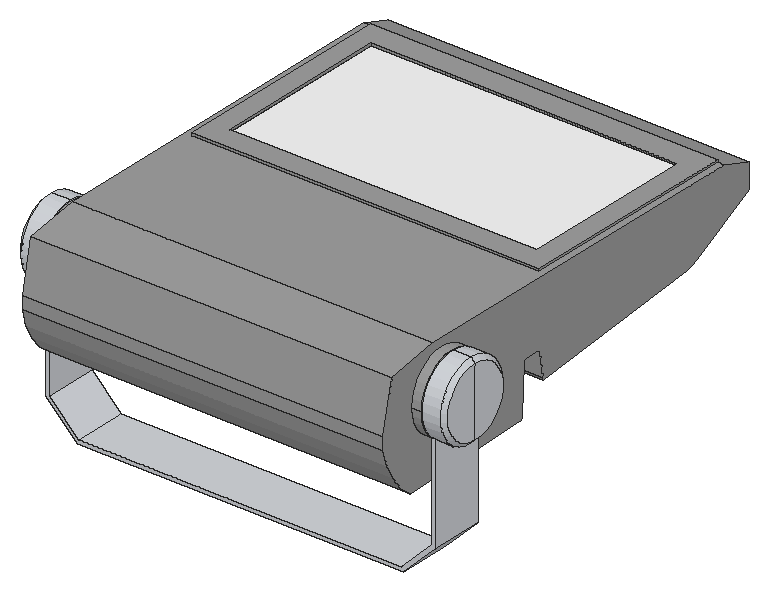
Revit family "0049104 Feilo Sylvania Lighting Fixture SYLVEO LED 3000LM WIDE 3K", category Lighting Fixtures, host Face, Revit 2017
Family settings
  Host = Face
  Round Connector Dimension = Use Diameter
  Part Type = Normal
  OmniClass Number = 23.80.70.00
  OmniClass Title = Lighting
  Cut with Voids When Loaded = No
  Light Source = No
  Shared = No
  Room Calculation Point = No
Parameters (values of type "0049104 SYLVEO LED 3000LM WIDE 3K")
  _DistributedBy = ""
  _CurrentRevision = 0
  _CreatedBy = "http://www.feilosylvania.com"
  _BimstoreBibleVersion = "Version 15"
  _BimSpecGuid = 0
  _Author = "n/a"
  Weight = "11.028 kg"
  Wattage Comments = "n/a"
  WarrantyStartDate [instance] = "n/a"
  WarrantyGuarantorParts = "n/a"
  WarrantyDurationUnit = "n/a"
  WarrantyDurationParts = "n/a"
  WarrantyDescription = "n/a"
  Voltage = 230 V
  URL = "http://www.sylvania-lighting.com"
  TypeName = "SYLVEO LED 3000LM WIDE 3K"
  TypeBody_FEILO = Sylveo Body S : 0049104 SYLVEO LED 3000LM WIDE 3K
  Type Image = <None>
  Type Comments = "n/a"
  TotalWidth = 205 mm
  TiltAngle [instance] = 0.00°
  StartAngle [instance] = -TiltAngle  # 0.00°
  PhotobiologicalRiskGroup = "RG1"
  Material_4_FEILO = none
  Material_3_FEILO = Diffuser-Sylvania-Glow
  Material_2_FEILO = Default
  Material_1_FEILO = none
  LuminousFlux = 3189 lm
  EndAngle [instance] = StartAngle + 180.00°  # 180.00°
  SerialNumber [instance] = "n/a"
  PowerFactor = 0
  PowerConsumption = "30.5 W"
  NominalLength = 205 mm
  NominalHeight = 219 mm
  NominalDepth = 59 mm
  Name = "SYLVEO LED 3000LM WIDE 3K"
  NBSReference = "n/a"
  NBSOfficeMasterTag = "n/a"
  NBSObjectName = "n/a"
  NBSNote = "n/a"
  NBSDescription = "n/a"
  ModelReference = "SYLVEO LED 3000LM WIDE 3K"
  ModelNumber = "0049104"
  Model = ModelReference  # "SYLVEO LED 3000LM WIDE 3K"
  Material = "aluminium housing, glass diffuser"
  ManufacturerName = "Feilo Sylvania"
  Manufacturer = "Feilo Sylvania"
  LuminaireType = ""
  LuminairePowerFactor = "n/a"
  LightOutputRatio = "100"
  LampsType = "LED"
  LampsColourRenderingIndex = "70"
  Lamp = "LED"
  Keynote = "16500"
  InstallationDate [instance] = "n/a"
  InputVoltage = "100-240V~"
  InputNominalFrequency = "50 Hz"
  IngressProtection = "IP66"
  ImpactProtectionIndex = "IK08"
  IfcExportType = "IfcLightFixtureType"
  IfcExportAs = "IfcLightFixtureType"
  Finish = "Die cast"
  ExpectedLife = 50000
  ElectricShockClassification = "Class I"
  DurationUnit = "hours"
  DocumentationLiterature = "http://www.sylvania-lighting.com/product/en-int/products/0049104"
  DimmingControlOptions = "Non dimmable"
  Diffuser Material = "Glass"
  Diffuser Finish = "Clear"
  Description = "Exterior LED Floodlight, comes complete with a 1000mm cable and adjustable bracket, aluminium housing, clear glass diffuser, IP66, IK08, Class I, 3000K, Non-dimming, 3090lm, 31W, 101lm/W, 850mA, CRI70, 52° beam angle, 50000hrs, (LxWxD) 49x205x219mm"
  Default Elevation = 1219.2 mm
  CreatedOn = "1/9/2018"
  CreatedBy = ""
  Cost = 0
  ColorTemperature = 4000 K
  ColorConsistency(SDCM) = "6"
  Color = "Aluminium"
  built-in parameter 1114216 [instance] = (empty or 0)
  ClassificationValue = "EF_70_80"
  ClassificationName = "Uniclass2015"
  BracketWidth = 25 mm
  BracketInnerWidth = 183 mm
  BracketExtrusionStart = -BracketWidth / 2  # -12.5 mm
  BracketExtrusionEnd = BracketWidth / 2  # 12.5 mm
  BarCode [instance] = "n/a"
  BIMObjectName = "n/a"
  AssetType = "Fixed"
  AssetIdentifier [instance] = "n/a"
  Assembly Code = "D5020200"
  Apparent Load = 30.5 VA
Reference planes
  plane 1 "Center (Front/Back)": y = 0
  plane 2: z = 0
  plane 3 "Center (Left/Right)": x = 0
  plane 4: x = 91.5
  plane 5: x = -91.5
  plane 6: z = 76
  plane 7: x = 102.5
  plane 8: x = -102.5
  plane 9: z = 94.5
  plane 10: z = 57.5
  plane 11: x = 100.5
  plane 12: x = -100.5
  plane 13: x = 93.5
  plane 14: x = -93.5
  plane 15: z = 2
  plane 16: z = 16
  plane 17: x = 77.5
  plane 18: x = -77.5
  plane 19: z = 59.5
Forms (mm)
  Extrusion 1, solid
    sketch origin (0, 0, 0) x (1, 0, 0) y (0, 0, 1)
      loop
        line (0, 2) -> (0, 0) -> (78.328, 0) -> (93.5, 15.172) -> (93.5, 76) -> (91.5, 76) -> (91.5, 16) -> (77.5, 2) -> (0, 2)
    from -12.5 to 12.5 <- "BracketExtrusionEnd"
  Extrusion 2, solid
    sketch origin (0, 0, 0) x (-1, 0, 0) y (0, 0, -1)
      loop
        line (0, -2) -> (77.5, -2) -> (91.5, -16) -> (91.5, -76) -> (93.5, -76) -> (93.5, -15.172) -> (78.328, 0) -> (0, 0) -> (0, -2)
    from -12.5 to 12.5 <- "BracketExtrusionEnd"
  Revolve 3, solid
    sketch origin (0, 0, 0) x (1, 0, 0) y (0, 0, 1)
      loop
        line (-91.5, 76) -> (-102.5, 76) -> (-102.5, 59.5) -> (-100.5, 57.5) -> (-91.5, 57.5) -> (-91.5, 76)
      axis (-91.5, 76) -> (-102.5, 76)
    angle from 0 to 360
  Revolve 4, solid
    sketch origin (0, 0, 0) x (-1, 0, 0) y (0, 0, 1)
      loop
        line (-91.5, 76) -> (-102.5, 76) -> (-102.5, 59.5) -> (-100.5, 57.5) -> (-91.5, 57.5) -> (-91.5, 76)
      axis (-91.5, 76) -> (-102.5, 76)
    angle from 0 to 360
  Revolve 5, solid, not visible
    sketch origin (181.107, 0, 76) x (1, 0, 0) y (0, 1, 0)
      loop
        line (-191.101, 0) -> (-171.112, 0) -> (-171.112, 10) -> (-191.101, 10) -> (-191.101, 0)
      axis (-171.112, 0) -> (-191.101, 0)
    angle from 0 <- "StartAngle" to 180 <- "EndAngle"
Cuts and joins
  joined: Extrusion 1, Extrusion 2, Revolve 3, Revolve 4
Dimensions and locks
  equal spacing: plane 5, plane 3 "Center (Left/Right)", plane 4
  "BracketInnerWidth": plane 5 to plane 4
  equal spacing: plane 7, plane 3 "Center (Left/Right)", plane 8
  "TotalWidth": plane 7 to plane 8
  locked: plane 2 to plane 6 at 76
  equal spacing: plane 10, plane 6, plane 9
  locked: plane 10 to plane 9 at 37
  equal spacing: plane 11, plane 3 "Center (Left/Right)", plane 12
  locked: plane 11 to plane 12 at 201
  equal spacing: plane 13, plane 3 "Center (Left/Right)", plane 14
  locked: plane 13 to plane 14 at 187
  locked: plane 2 to plane 16 at 16
  locked: plane 2 to plane 15 at 2
  equal spacing: plane 17, plane 3 "Center (Left/Right)", plane 18
  locked: plane 17 to plane 18 at 155
  locked: plane 19 to plane 10 at 2
  locked: Revolve 5 sketch curve to Revolve 5 sketch curve at 10
  equal spacing: Revolve 5 sketch curve, plane 3 "Center (Left/Right)", Revolve 5 sketch curve
  locked: Revolve 5 sketch curve to Revolve 5 sketch curve at 19.988
  aligned and locked: plane 2 to host face
  aligned and locked: level to host face
  aligned and locked: Revolve 3 sketch curve to plane 10
  aligned and locked: Revolve 3 sketch curve to plane 8
  aligned and locked: plane 5 to Revolve 3 sketch curve
  aligned and locked: Revolve 3 sketch curve to plane 6  (x2)
  aligned and locked: Revolve 5 sketch curve to plane 1 "Center (Front/Back)"
  aligned and locked: plane 3 "Center (Left/Right)" to nested 1
Automatic sketch dimensions
  host sketch curve to host sketch curve = 2438.4 mm  (x2)
  Extrusion 1 sketch curve to plane 3 "Center (Left/Right)" = 0 mm  (x2)
  Extrusion 1 sketch curve to level = 0 mm  (x2)
  Extrusion 1 sketch curve to plane 15 = 0 mm
  Extrusion 1 sketch curve to plane 17 = 0 mm
  plane 4 to Extrusion 1 sketch curve = 0 mm
  Extrusion 1 sketch curve to plane 13 = 0 mm  (x2)
  Extrusion 1 sketch curve to plane 6 = 0 mm  (x2)
  Extrusion 1 sketch curve to plane 16 = 0 mm
  plane 17 to Extrusion 1 sketch curve = 0.828 mm
  Extrusion 1 sketch curve to plane 16 = 0.828 mm
  Extrusion 2 sketch curve to plane 3 "Center (Left/Right)" = 0 mm  (x2)
  Extrusion 2 sketch curve to level = 0 mm  (x2)
  Extrusion 2 sketch curve to plane 15 = 0 mm
  plane 18 to Extrusion 2 sketch curve = 0 mm
  plane 5 to Extrusion 2 sketch curve = 0 mm
  plane 14 to Extrusion 2 sketch curve = 0 mm  (x2)
  Extrusion 2 sketch curve to plane 6 = 0 mm  (x2)
  Extrusion 2 sketch curve to plane 16 = 0 mm
  Extrusion 2 sketch curve to plane 18 = 0.828 mm
  plane 16 to Extrusion 2 sketch curve = 0.828 mm
  plane 12 to Revolve 3 sketch curve = 0 mm
  Revolve 3 sketch curve to plane 19 = 0 mm
  plane 8 to Revolve 3 sketch curve = 77.715 mm
  plane 7 to Revolve 3 sketch curve = 78.607 mm
  Revolve 4 sketch curve to plane 6 = 0 mm  (x2)
  Revolve 4 sketch curve to plane 7 = 0 mm
  Revolve 4 sketch curve to plane 10 = 0 mm
  Revolve 4 sketch curve to plane 11 = 0 mm
  plane 4 to Revolve 4 sketch curve = 0 mm
  Revolve 4 sketch curve to plane 19 = 0 mm
  Revolve 4 sketch curve to Revolve 4 sketch curve = 77.715 mm
  Revolve 4 sketch curve to plane 8 = 78.607 mm
  plane 1 "Center (Front/Back)" to Revolve 5 sketch curve = 0 mm
  plane 8 to Revolve 5 sketch curve = 1421.5 mm
  plane 7 to Revolve 5 sketch curve = 1421.5 mm
Nested families
  nested 1: "Sylveo Body S" at (0, 72.991, 76), type <- "TypeBody_FEILO", type "0049104 SYLVEO LED 3000LM WIDE 3K"
Connectors
  electrical at (0, 0, 0), driven by "Apparent Load", driven by "PowerFactor", driven by "Voltage"
    settings: index 1, voltage 230 V, apparent load 30.5 VA, apparent load phase1 0 VA, apparent load phase2 0 VA, apparent load phase3 0 VA, power factor 0, load classification "Lighting", number of poles 1, system type 30, power factor state 1, is connector primary yes, connector utility no, sub classification motor no, connector description ""
Definition of nested family "Sylveo Body S"
  Parameters (values of type "0049105 SYLVEO LED 3000LM RASYM 3K")
    Wattage = 30.8 W
    built-in parameter 1150110 = 1 (stored number, unit not read)
    VoidExtrusionStart = -BodyWidth / 2  # -86.5 mm
    URL = "http://www.feilosylvania.com"
    Type Comments = "n/a"
    built-in parameter 1114217 = 1 (stored number, unit not read)
    Tilt Angle = -90.00°
    built-in parameter 1150109 = 1 (stored number, unit not read)
    built-in parameter 1150134 = (empty or 0)
    built-in parameter 1150113 = 1 (stored number, unit not read)
    Photometric Web File = "0049105.ies"
    Model = "SYLVEO LED 3000LM RASYM 3K"
    Material_4_FEILO = none
    Material_3_FEILO = none
    Material_2_FEILO = none
    Material_1_FEILO = none
    Manufacturer = "Feilo Sylvania"
    built-in parameter 1150105 = 1613.6 (stored number, unit not read)
    Lumens = 3123.12 lm
    built-in parameter 1150115 = 1 (stored number, unit not read)
    built-in parameter 1150137 = (empty or 0)
    built-in parameter 1150139 = (empty or 0)
    built-in parameter 1150112 = 1 (stored number, unit not read)
    built-in parameter 1150114 = 1 (stored number, unit not read)
    Lamp = "LED"
    Keynote = "16500"
    built-in parameter 1150132 = (empty or 0)
    built-in parameter 1150102 = (empty or 0)
    built-in parameter 1150107 = 3000 (stored number, unit not read)
    built-in parameter 1150138 = (empty or 0)
    built-in parameter 1150106 = 16.136 (stored number, unit not read)
    Emit from Rectangle Width = 84 mm
    Emit from Rectangle Length = 147 mm
    Emit Shape Visible in Rendering = no
    built-in parameter 1150104 = 9.4204 (stored number, unit not read)
    Dimming Lamp Color Temperature Shift = (empty or 0)
    Description = "Exterior LED Floodlight, comes complete with a 1000mm cable and adjustable bracket, aluminium housing, clear glass diffuser, IP66, IK08, Class I, 3000K, Non-dimming, 3122lm, 31W, 101lm/W, 850mA, CRI70, 52°x117° beam angle, 50000hrs, (LxWxD) 49x205x219mm"
    Default Elevation = 1219.2 mm
    Cost = 0
    Color Filter = 16777215
    BodyWidth = 173 mm
    BodyHeight = 219 mm
    BodyExtrusionEnd = -BodyDepth  # -59 mm
    BodyDepth = 59 mm
    built-in parameter 1114218 = 1 (stored number, unit not read)
    built-in parameter 1150133 = 10 (stored number, unit not read)
    Assembly Code = "D5020200"
    Apparent Load = 30.8 VA
  Types (6, lengths in mm): name | Wattage | built-in parameter 1150134 | Photometric Web File | Model | built-in parameter 1150105 | Lumens | built-in parameter 1150107 | built-in parameter 1150106 | built-in parameter 1150104 | Description | Apparent Load
    0049105 SYLVEO LED 3000LM RASYM 3K | 30.8 W | (empty or 0) | "0049105.ies" | "SYLVEO LED 3000LM RASYM 3K" | 1613.6 (stored number, unit not read) | 3123.12 lm | 3000 (stored number, unit not read) | 16.136 (stored number, unit not read) | 9.4204 (stored number, unit not read) | "Exterior LED Floodlight, comes complete with a 1000mm cable and adjustable bracket, aluminium housing, clear glass diffuser, IP66, IK08, Class I, 3000K, Non-dimming, 3122lm, 31W, 101lm/W, 850mA, CRI70, 52°x117° beam angle, 50000hrs, (LxWxD) 49x205x219mm" | 30.8 VA
    0049104 SYLVEO LED 3000LM WIDE 3K | 30.5 W | (empty or 0) | "0049104.ies" | "SYLVEO LED 3000LM WIDE 3K" | 3931.7 (stored number, unit not read) | 3089.65 lm | 3000 (stored number, unit not read) | 39.317 (stored number, unit not read) | 9.4111 (stored number, unit not read) | "Exterior LED Floodlight, comes complete with a 1000mm cable and adjustable bracket, aluminium housing, clear glass diffuser, IP66, IK08, Class I, 3000K, Non-dimming, 3090lm, 31W, 101lm/W, 850mA, CRI70, 52° beam angle, 50000hrs, (LxWxD) 49x205x219mm" | 30.5 VA
    0049103 SYLVEO LED 3000LM NAR 3K | 30.2 W | (empty or 0) | "0049103.ies" | "SYLVEO LED 3000LM NAR 3K" | 12950.9 (stored number, unit not read) | 3041.14 lm | 3000 (stored number, unit not read) | 129.51 (stored number, unit not read) | 9.3553 (stored number, unit not read) | "Exterior LED Floodlight, comes complete with a 1000mm cable and adjustable bracket, aluminium housing, clear glass diffuser, IP66, IK08, Class I, 3000K, Non-dimming, 3041lm, 30W, 101lm/W, 850mA, CRI70, 21° beam angle, 50000hrs, (LxWxD) 49x205x219mm" | 30.2 VA
    0049102 SYLVEO LED 3000LM RASYM 4K | 30.3 W | 12 | "0049102.ies" | "SYLVEO LED 3000LM RASYM 4K" | 1646.9 (stored number, unit not read) | 3187.56 lm | 4000 (stored number, unit not read) | 16.469 (stored number, unit not read) | 9.7734 (stored number, unit not read) | "Exterior LED Floodlight, comes complete with a 1000mm cable and adjustable bracket, aluminium housing, clear glass diffuser, IP66, IK08, Class I, 4000K, Non-dimming, 3189lm, 30W, 105lm/W, 850mA, CRI70, 52°x117° beam angle, 50000hrs, (LxWxD) 49x205x219mm" | 30.3 VA
    0049101 SYLVEO LED 3000LM WIDE 4K | 32.2 W | 12 | "0049101.ies" | "SYLVEO LED 3000LM WIDE 4K" | 3985.3 (stored number, unit not read) | 3400.32 lm | 4000 (stored number, unit not read) | 39.853 (stored number, unit not read) | 9.8106 (stored number, unit not read) | "Exterior LED Floodlight, comes complete with a 1000mm cable and adjustable bracket, aluminium housing, clear glass diffuser, IP66, IK08, Class I, 4000K, Non-dimming, 3400lm, 32W, 106lm/W, 850mA, CRI70, 52° beam angle, 50000hrs, (LxWxD) 49x205x219mm" | 32.2 VA
    0049100 SYLVEO LED 3000LM NAR 4K | 30.5 W | 12 | "0049100.ies" | "SYLVEO LED 3000LM NAR 4K" | 13402.6 (stored number, unit not read) | 3089.65 lm | 4000 (stored number, unit not read) | 134.03 (stored number, unit not read) | 9.4111 (stored number, unit not read) | "Exterior LED Floodlight, comes complete with a 1000mm cable and adjustable bracket, aluminium housing, clear glass diffuser, IP66, IK08, Class I, 4000K, Non-dimming, 3090lm, 31W, 101lm/W, 850mA, CRI70, 21° beam angle, 50000hrs, (LxWxD) 49x205x219mm" | 30.5 VA
  Reference planes
    plane 1 "Center (Front/Back)": y = 0
    plane 2: z = 0
    plane 3 "Center (Left/Right)": x = 0
    plane 4: x = -86.5
    plane 5: x = 86.5
    plane 6: y = 110.708
    plane 7: y = -108.292
    plane 8: y = 96.384
    plane 9: y = 84.647
    plane 10: y = -0.668
    plane 11: y = -10.878
    plane 12: y = -54.493
    plane 13: y = -91.489
    plane 14: y = -72.991
    plane 15: x = -102.515
    plane 16: x = 102.515
    plane 17: x = -73.649
    plane 18: x = 73.649
    plane 19: x = -91.536
    plane 20: x = 91.536
    plane 21: z = 0
    plane 22: z = 22
    plane 23: x = -83.139
    plane 24: x = 83.139
    plane 25: y = -103.292
    plane 26: y = -78.292
    plane 27: z = -5.309
    plane 28: z = -11.402
    plane 29: y = -25.118
    plane 30: y = -23.893
    plane 31: z = -8.976
    plane 32: y = -14.493
    plane 33: y = -12.511
    plane 34: y = 77.218
    plane 35: z = 17
    plane 36: z = -13.634
    plane 37: z = 5
    plane 38: z = -22.951
    plane 39: z = -34.41
    plane 40: z = 17.785
    plane 41: y = 42.323
  Forms (mm)
    Extrusion 1, solid
      sketch origin (-0.8, 0, 0) x (1, 0, 0) y (0, 1, 0)
        loop
          line (-1219.2, 1219.2) -> (-1219.2, -1219.2) -> (1219.2, -1219.2) -> (1219.2, 1219.2) -> (-1219.2, 1219.2)
      from 0 to -304.8
    Revolve 2, solid, material <- "Material_2_FEILO"
      sketch origin (144.148, 0, 0) x (1, 0, 0) y (0, 1, 0)
        loop
          line (-235.684, -72.991) -> (-52.612, -72.991) -> (-52.612, -54.493) -> (-235.684, -54.493) -> (-235.684, -72.991)
        axis (-235.684, -72.991) -> (-52.612, -72.991)
      angle from 0 to 360
    Extrusion 3, solid, material <- "Material_2_FEILO"
      sketch origin (0, -146.667, 22) x (0, -1, 0) y (1, 0, 0)
        loop
          line (-257.375, -86.5) -> (-38.375, -86.5) -> (-38.375, 86.5) -> (-257.375, 86.5) -> (-257.375, -86.5)
      from 0 to -59 <- "BodyExtrusionEnd"
    Extrusion 4, void
      sketch origin (0, 0, 0) x (0, 1, 0) y (0, 0, 1)
        loop
          line (-78.292, 22) -> (-108.292, 22) -> (-108.292, -5.309) -> (-103.292, 17.785) -> (-78.292, 22)
        loop
          line (-108.292, -11.402) -> (-108.292, -37) -> (-91.489, -37)
          arc (-91.489, -37) -> (-102.558, -25.952) -> (-108.292, -11.402) r 38.329
      from -86.5 <- "VoidExtrusionStart" to 173 <- "BodyWidth"
    Extrusion 5, void
      sketch origin (0, 0, 0) x (0, 1, 0) y (0, 0, 1)
        loop
          line (-91.489, -37) -> (110.708, -37) -> (110.708, 5) -> (80.083, -12.039)
          arc (80.083, -12.039) -> (77.118, -13.316) -> (73.956, -13.972) r 16
          line (73.956, -13.972) -> (-11.553, -22.851)
          arc (-11.553, -22.851) -> (-12.272, -22.645) -> (-12.646, -21.997) r 1
          line (-12.646, -21.997) -> (-14.371, -9.836)
          arc (-14.371, -9.836) -> (-14.706, -9.221) -> (-15.361, -8.976) r 1
          line (-15.361, -8.976) -> (-22.94, -8.976)
          arc (-22.94, -8.976) -> (-23.63, -9.252) -> (-23.939, -9.928) r 1
          line (-23.939, -9.928) -> (-25.074, -33.494)
          arc (-25.074, -33.494) -> (-25.381, -34.133) -> (-26.034, -34.41) r 1.003
          line (-26.034, -34.41) -> (-91.489, -37)
        loop
          line (110.708, 17) -> (110.708, 22) -> (96.384, 22) -> (110.708, 17)
      from -86.5 <- "VoidExtrusionStart" to 173 <- "BodyWidth"
    Extrusion 6, solid, material <- "Material_2_FEILO"
      sketch origin (0, -146.667, 22) x (0, -1, 0) y (1, 0, 0)
        loop
          line (-243.051, -83.139) -> (-135.789, -83.139) -> (-135.789, 83.139) -> (-243.051, 83.139) -> (-243.051, -83.139)
        loop
          line (-231.314, -73.649) -> (-146.667, -73.649) -> (-146.667, 73.649) -> (-231.314, 73.649) -> (-231.314, -73.649)
      from 0 to 1
    Extrusion 7, void
      sketch origin (0, -146.667, 22) x (1, 0, 0) y (0, -1, 0)
        loop
          line (-73.649, -231.314) -> (73.649, -231.314) -> (73.649, -146.667) -> (-73.649, -146.667) -> (-73.649, -231.314)
      from 0 to 12
    Extrusion 8, solid, material <- "Material_3_FEILO"
      sketch origin (0, -146.667, 22) x (0, -1, 0) y (1, 0, 0)
        loop
          line (-231.314, -73.649) -> (-146.667, -73.649) -> (-146.667, 73.649) -> (-231.314, 73.649) -> (-231.314, -73.649)
      from 0 to -1
  Cuts and joins
    Extrusion 4, Extrusion 5, Extrusion 7 cuts Extrusion 3
    joined: Revolve 2, Extrusion 3
  Lines and regions (mm)
    reference lines
      curve 1: line (0, -108.292, -5.309) -> (0, -108.292, -11.402)
  Dimensions and locks
    equal spacing: plane 4, plane 3 "Center (Left/Right)", plane 5
    "BodyWidth": plane 4 to plane 5
    "BodyHeight": plane 6 to plane 7
    locked: plane 1 "Center (Front/Back)" to plane 7 at 108.292
    locked: plane 13 to plane 7 at 16.803
    locked: plane 14 to plane 7 at 35.301
    equal spacing: plane 12, plane 14, plane 13
    locked: plane 11 to plane 7 at 97.414
    locked: plane 10 to plane 7 at 107.624
    locked: plane 1 "Center (Front/Back)" to plane 9 at 84.647
    locked: plane 8 to plane 1 "Center (Front/Back)" at 96.384
    equal spacing: plane 15, plane 3 "Center (Left/Right)", plane 16
    locked: plane 15 to plane 16 at 205.031
    equal spacing: plane 17, plane 3 "Center (Left/Right)", plane 18
    locked: plane 17 to plane 18 at 147.299
    equal spacing: plane 19, plane 3 "Center (Left/Right)", plane 20
    locked: plane 19 to plane 20 at 183.072
    equal spacing: plane 23, plane 3 "Center (Left/Right)", plane 24
    locked: plane 23 to plane 24 at 166.278
    locked: plane 21 to plane 22 at 22
    locked: curve 1 to curve 1 at 6.092
    locked: plane 7 to plane 26 at 30
    locked: plane 21 to plane 27 at 5.309
    locked: plane 21 to plane 28 at 11.402
    locked: plane 7 to plane 29 at 83.174
    locked: plane 7 to plane 30 at 84.399
    locked: plane 21 to plane 31 at 8.976
    locked: plane 7 to plane 32 at 93.799
    locked: plane 7 to plane 33 at 95.781
    locked: plane 7 to plane 34 at 185.51
    locked: plane 21 to plane 35 at 17
    locked: plane 36 to plane 21 at 13.634
    locked: plane 21 to plane 37 at 5
    locked: plane 21 to plane 38 at 22.951
    locked: plane 21 to plane 39 at 34.41
    locked: plane 40 to plane 21 at 17.785
    locked: plane 7 to plane 25 at 5
    equal spacing: Extrusion 6, Extrusion 7 sketch curve, plane 24
    equal spacing: plane 1 "Center (Front/Back)", plane 41, plane 9
    aligned and locked: plane 2 to Extrusion 1
    aligned and locked: level to Extrusion 1
    aligned and locked: Revolve 2 sketch curve to plane 14  (x2)
    aligned and locked: plane 19 to Revolve 2 sketch curve
    aligned and locked: plane 12 to Revolve 2 sketch curve
    aligned and locked: Revolve 2 sketch curve to plane 20
    aligned and locked: level to plane 21
    aligned and locked: Extrusion 3 sketch curve to plane 6
    aligned and locked: plane 4 to Extrusion 3 sketch curve
    aligned and locked: plane 7 to Extrusion 3 sketch curve
    aligned and locked: Extrusion 3 sketch curve to plane 5
    aligned and locked: plane 40 to Extrusion 4 sketch curve
    aligned and locked: Extrusion 4 sketch curve to curve 1
    aligned and locked: plane 22 to Extrusion 4 sketch curve
    aligned and locked: curve 1 to Extrusion 4 sketch curve
    aligned and locked: Extrusion 4 sketch curve to Extrusion 3
    aligned and locked: plane 39 to Extrusion 5 sketch curve
    aligned and locked: plane 6 to Extrusion 5 sketch curve  (x2)
    aligned and locked: Extrusion 5 sketch curve to plane 22
    aligned and locked: Extrusion 6 sketch curve to plane 8
    aligned and locked: plane 23 to Extrusion 6 sketch curve
    aligned and locked: plane 11 to Extrusion 6 sketch curve
    aligned and locked: Extrusion 6 sketch curve to plane 24
    aligned and locked: plane 9 to Extrusion 6 sketch curve
    aligned and locked: plane 17 to Extrusion 6 sketch curve
    aligned and locked: Extrusion 6 sketch curve to plane 1 "Center (Front/Back)"
    aligned and locked: plane 18 to Extrusion 6 sketch curve
    aligned and locked: Extrusion 7 sketch curve to Extrusion 6  (x3)
    aligned and locked: Extrusion 8 sketch curve to cut or joined group of Revolve 2, Extrusion 3, Extrusion 4, Extrusion 5, Extrusion 7  (x4)
    aligned and locked: imposter light to plane 3 "Center (Left/Right)"
    aligned and locked: imposter light to plane 41
    aligned and locked: imposter light to plane 22
  Automatic sketch dimensions
    Extrusion 1 sketch curve to Extrusion 1 sketch curve = 2438.4 mm  (x2)
    plane 15 to Revolve 2 sketch curve = 90.323 mm
    plane 16 to Revolve 2 sketch curve = 82.977 mm
    curve 1 to level = 11.402 mm
    curve 1 to plane 7 = 0 mm
    Extrusion 4 sketch curve to plane 25 = 0 mm
    Extrusion 4 sketch curve to plane 13 = 0 mm
    Extrusion 4 sketch curve to plane 26 = 0 mm
    Extrusion 4 sketch curve to plane 28 = 0 mm
    Extrusion 4 sketch curve to plane 27 = 0 mm
    plane 27 to Extrusion 4 sketch curve = 0.391 mm
    Extrusion 7 sketch curve to plane 18 = 0 mm
    Extrusion 5 sketch curve to plane 13 = 0 mm
    Extrusion 5 sketch curve to plane 31 = 0 mm
    Extrusion 5 sketch curve to plane 8 = 0 mm
    plane 37 to Extrusion 5 sketch curve = 0 mm
    plane 35 to Extrusion 5 sketch curve = 0 mm
    plane 29 to Extrusion 5 sketch curve = 0.955 mm
    plane 29 to Extrusion 5 sketch curve = 0.916 mm
    Extrusion 5 sketch curve to plane 29 = 0.044 mm
    Extrusion 5 sketch curve to plane 30 = 0.046 mm
    plane 30 to Extrusion 5 sketch curve = 0.953 mm
    Extrusion 5 sketch curve to plane 32 = 0.868 mm
    plane 32 to Extrusion 5 sketch curve = 0.122 mm
    Extrusion 5 sketch curve to plane 33 = 0.135 mm
    Extrusion 5 sketch curve to plane 11 = 0.778 mm
    plane 38 to Extrusion 5 sketch curve = 0.099 mm
    Extrusion 5 sketch curve to plane 11 = 0.675 mm
    level to Extrusion 5 sketch curve = 1.942 mm
    Extrusion 5 sketch curve to plane 34 = 4.914 mm
    Extrusion 5 sketch curve to plane 28 = 0.638 mm
    plane 34 to Extrusion 5 sketch curve = 2.865 mm
    Extrusion 5 sketch curve to plane 39 = 2.59 mm
    plane 39 to Extrusion 5 sketch curve = 0.915 mm
    plane 38 to Extrusion 5 sketch curve = 0.954 mm
    Extrusion 5 sketch curve to Extrusion 5 sketch curve = 1 mm  (x2)
    plane 36 to Extrusion 5 sketch curve = 0.339 mm
